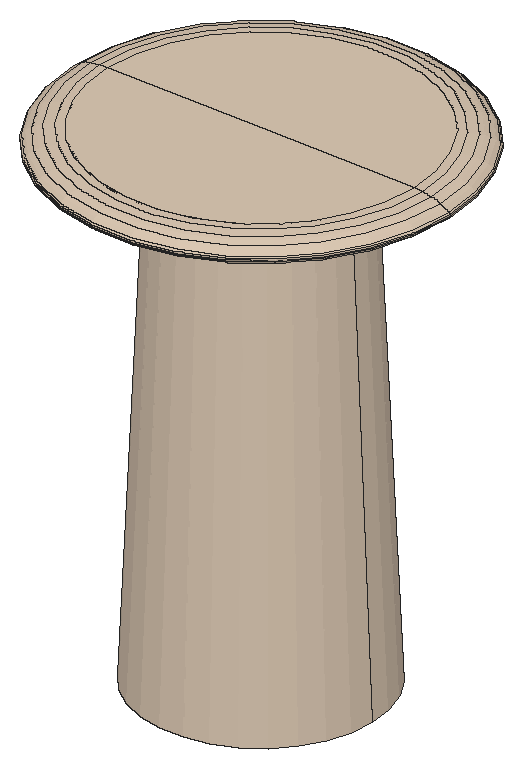
Revit family "Proto Table Dia 42 H55", category Furniture, Revit 2017
Family settings
  OmniClass Number = 23.40.20.00
  OmniClass Title = General Furniture and Specialties
  Work Plane-Based = No
  Always vertical = Yes
  Cut with Voids When Loaded = No
  Shared = No
  Room Calculation Point = No
Parameters
  Weight (lbs) = "16,5"  # constant formula
  Weight (kg) = "7,5"  # constant formula
  Warranty period = "2 years standard warranty"  # constant formula
  Variations = "Soap treated / Lacquered"  # constant formula
  URL = "https://www.plushalle.com/"
  Table top = +Halle Oak Solid Horizontal
  Table base = +Halle Oak Veneer Vertical
  Product family = "Proto"  # constant formula
  Price = "Contact info@plushalle.com"  # constant formula
  Packaging Dimensions (in) = "17,2 / 17,2 / 18,4"  # constant formula
  Packaging Dimensions (cm) = "43,5 / 43,5 / 46,5"  # constant formula
  Height (in) = "21,7"  # constant formula
  Height (cm) = "55"  # constant formula
  Gliders = +Halle Felt
  Environment = "FSC"  # constant formula
  Designer = "Nick Ross"  # constant formula
  Design Year = "2020"  # constant formula
  Depth (in) = "16,5"  # constant formula
  Depth (cm) = "42"  # constant formula
  Copyright = "+Halle"  # constant formula
Reference planes
  plane 1 "Center (Front/Back)": y = 0
  plane 2: z = 0
  plane 3 "Center (Left/Right)": x = 0
  plane 4 "Back": y = 210
  plane 5 "Front": y = -210
  plane 6 "Left": x = -210
  plane 7 "Right": x = 210
  plane 8 "Top": z = 550
  plane 9: z = 522
Forms (mm)
  Revolve 1, solid, material "+Halle Oak Solid Horizontal" <- "Table top"
    sketch origin (0, 0, 0) x (1, 0, 0) y (0, 0, 1)
      loop
        line (0.467, 550) -> (-170.442, 550)
        arc (-170.442, 550) -> (-174.984, 549.934) -> (-179.519, 549.665) r 101.849
        arc (-179.519, 549.665) -> (-184.716, 549.099) -> (-189.876, 548.257) r 97.601
        arc (-189.876, 548.257) -> (-195.027, 546.915) -> (-199.956, 544.905) r 40.25
        arc (-199.956, 544.905) -> (-204.526, 542.156) -> (-208.542, 538.648) r 30.274
        arc (-208.542, 538.648) -> (-209.243, 537.81) -> (-209.822, 536.884) r 7.987
        arc (-209.822, 536.884) -> (-209.991, 536) -> (-209.822, 535.116) r 2.406
        arc (-209.822, 535.116) -> (-209.243, 534.19) -> (-208.542, 533.352) r 7.987
        arc (-208.542, 533.352) -> (-204.526, 529.844) -> (-199.956, 527.095) r 30.274
        arc (-199.956, 527.095) -> (-195.027, 525.085) -> (-189.876, 523.743) r 40.25
        arc (-189.876, 523.743) -> (-184.716, 522.901) -> (-179.519, 522.335) r 97.601
        arc (-179.519, 522.335) -> (-174.984, 522.066) -> (-170.442, 522) r 101.849
        line (-170.442, 522) -> (0.467, 522) -> (0.467, 550)
      axis (0.467, 522) -> (0.467, 550)
    angle from 0 to 360
  Blend 2, solid, material "+Halle Oak Veneer Vertical" <- "Table base"
    base sketch origin (0, 0, 0) x (1, 0, 0) y (0, 1, 0)
      loop
        circle (0, 0) r 125
    top sketch origin (0, 0, 0) x (1, 0, 0) y (0, 1, 0)
      loop
        circle (0, 0) r 101.478
    from 0 to 522
  Blend 3, void
    base sketch origin (0, 0, 0) x (1, 0, 0) y (0, 1, 0)
      loop
        circle (0, 0) r 118.993
    top sketch origin (0, 0, 0) x (1, 0, 0) y (0, 1, 0)
      loop
        circle (0, 0) r 95.472
    from 0 to 522
Cuts and joins
  Blend 3 cuts Blend 2
Lines and regions (mm)
  symbolic lines
    curve 1: arc (210.756, 0, 0) -> (0.467, 210.289, 0) -> (-209.822, 0, 0) r 210.289
    curve 2: arc (-209.822, 0, 0) -> (0.467, -210.289, 0) -> (210.756, 0, 0) r 210.289
    curve 5: line (-125, 0, 0) -> (125, 0, 0)
    curve 6: line (-125, 0, 0) -> (-101.478, 0, 522)
    curve 7: line (-170.442, 0, 522) -> (171.375, 0, 522)
    curve 8: line (-170.442, 0, 550) -> (171.375, 0, 550)
    curve 35: line (125, 0, 0) -> (101.478, 0, 522)
  symbolic lines, not visible
    curve 3: arc (210.756, 0, 0) -> (0.467, 210.289, 0) -> (-209.822, 0, 0) r 210.289
    curve 4: arc (-209.822, 0, 0) -> (0.467, -210.289, 0) -> (210.756, 0, 0) r 210.289
    curve 9: line (-125, 0, 0) -> (125, 0, 0)
    curve 10: line (-125, 0, 0) -> (-101.478, 0, 522)
    curve 11: line (-170.442, 0, 522) -> (171.375, 0, 522)
    curve 12: line (-170.442, 0, 550) -> (171.375, 0, 550)
    curve 58: line (125, 0, 0) -> (101.478, 0, 522)
  model lines
    curve 13: arc (-189.876, 0, 548.257) -> (-195.027, 0, 546.915) -> (-199.956, 0, 544.905) r 40.25
    curve 14: arc (-199.956, 0, 544.905) -> (-204.526, 0, 542.156) -> (-208.542, 0, 538.648) r 30.274
    curve 15: arc (-208.542, 0, 538.648) -> (-209.243, 0, 537.81) -> (-209.822, 0, 536.884) r 7.987
    curve 16: arc (-209.822, 0, 536.884) -> (-209.991, 0, 536) -> (-209.822, 0, 535.116) r 2.406
    curve 17: arc (-199.956, 0, 527.095) -> (-204.526, 0, 529.844) -> (-208.542, 0, 533.352) r 30.274
    curve 18: arc (-208.542, 0, 533.352) -> (-209.243, 0, 534.19) -> (-209.822, 0, 535.116) r 7.987
    curve 19: arc (-189.876, 0, 548.257) -> (-184.716, 0, 549.099) -> (-179.519, 0, 549.665) r 97.601
    curve 20: arc (-179.519, 0, 549.665) -> (-174.984, 0, 549.934) -> (-170.442, 0, 550) r 101.849
    curve 21: arc (-189.876, 0, 523.743) -> (-184.716, 0, 522.901) -> (-179.519, 0, 522.335) r 97.601
    curve 22: arc (-179.519, 0, 522.335) -> (-174.984, 0, 522.066) -> (-170.442, 0, 522) r 101.849
    curve 23: arc (-189.876, 0, 523.743) -> (-195.027, 0, 525.085) -> (-199.956, 0, 527.095) r 40.25
    curve 24: arc (189.876, 0, 548.257) -> (195.027, 0, 546.915) -> (199.956, 0, 544.905) r 40.25
    curve 25: arc (199.956, 0, 544.905) -> (204.526, 0, 542.156) -> (208.542, 0, 538.648) r 30.274
    curve 26: arc (208.542, 0, 538.648) -> (209.243, 0, 537.81) -> (209.822, 0, 536.884) r 7.987
    curve 27: arc (209.822, 0, 536.884) -> (209.991, 0, 536) -> (209.822, 0, 535.116) r 2.406
    curve 28: arc (199.956, 0, 527.095) -> (204.526, 0, 529.844) -> (208.542, 0, 533.352) r 30.274
    curve 29: arc (208.542, 0, 533.352) -> (209.243, 0, 534.19) -> (209.822, 0, 535.116) r 7.987
    curve 30: arc (189.876, 0, 548.257) -> (184.716, 0, 549.099) -> (179.519, 0, 549.665) r 97.601
    curve 31: arc (179.519, 0, 549.665) -> (174.984, 0, 549.934) -> (170.442, 0, 550) r 101.849
    curve 32: arc (189.876, 0, 523.743) -> (184.716, 0, 522.901) -> (179.519, 0, 522.335) r 97.601
    curve 33: arc (179.519, 0, 522.335) -> (174.984, 0, 522.066) -> (170.442, 0, 522) r 101.849
    curve 34: arc (189.876, 0, 523.743) -> (195.027, 0, 525.085) -> (199.956, 0, 527.095) r 40.25
  model lines, not visible
    curve 36: arc (-189.876, 0, 548.257) -> (-195.027, 0, 546.915) -> (-199.956, 0, 544.905) r 40.25
    curve 37: arc (-199.956, 0, 544.905) -> (-204.526, 0, 542.156) -> (-208.542, 0, 538.648) r 30.274
    curve 38: arc (-208.542, 0, 538.648) -> (-209.243, 0, 537.81) -> (-209.822, 0, 536.884) r 7.987
    curve 39: arc (-209.822, 0, 536.884) -> (-209.991, 0, 536) -> (-209.822, 0, 535.116) r 2.406
    curve 40: arc (-199.956, 0, 527.095) -> (-204.526, 0, 529.844) -> (-208.542, 0, 533.352) r 30.274
    curve 41: arc (-208.542, 0, 533.352) -> (-209.243, 0, 534.19) -> (-209.822, 0, 535.116) r 7.987
    curve 42: arc (-189.876, 0, 548.257) -> (-184.716, 0, 549.099) -> (-179.519, 0, 549.665) r 97.601
    curve 43: arc (-179.519, 0, 549.665) -> (-174.984, 0, 549.934) -> (-170.442, 0, 550) r 101.849
    curve 44: arc (-189.876, 0, 523.743) -> (-184.716, 0, 522.901) -> (-179.519, 0, 522.335) r 97.601
    curve 45: arc (-179.519, 0, 522.335) -> (-174.984, 0, 522.066) -> (-170.442, 0, 522) r 101.849
    curve 46: arc (-189.876, 0, 523.743) -> (-195.027, 0, 525.085) -> (-199.956, 0, 527.095) r 40.25
    curve 47: arc (189.876, 0, 548.257) -> (195.027, 0, 546.915) -> (199.956, 0, 544.905) r 40.25
    curve 48: arc (199.956, 0, 544.905) -> (204.526, 0, 542.156) -> (208.542, 0, 538.648) r 30.274
    curve 49: arc (208.542, 0, 538.648) -> (209.243, 0, 537.81) -> (209.822, 0, 536.884) r 7.987
    curve 50: arc (209.822, 0, 536.884) -> (209.991, 0, 536) -> (209.822, 0, 535.116) r 2.406
    curve 51: arc (199.956, 0, 527.095) -> (204.526, 0, 529.844) -> (208.542, 0, 533.352) r 30.274
    curve 52: arc (208.542, 0, 533.352) -> (209.243, 0, 534.19) -> (209.822, 0, 535.116) r 7.987
    curve 53: arc (189.876, 0, 548.257) -> (184.716, 0, 549.099) -> (179.519, 0, 549.665) r 97.601
    curve 54: arc (179.519, 0, 549.665) -> (174.984, 0, 549.934) -> (170.442, 0, 550) r 101.849
    curve 55: arc (189.876, 0, 523.743) -> (184.716, 0, 522.901) -> (179.519, 0, 522.335) r 97.601
    curve 56: arc (179.519, 0, 522.335) -> (174.984, 0, 522.066) -> (170.442, 0, 522) r 101.849
    curve 57: arc (189.876, 0, 523.743) -> (195.027, 0, 525.085) -> (199.956, 0, 527.095) r 40.25
  symbolic lines, style "Furniture"
    curve 59: arc (0, 189.876, 548.257) -> (0, 195.027, 546.915) -> (0, 199.956, 544.905) r 40.25
    curve 60: arc (0, 199.956, 544.905) -> (0, 204.526, 542.156) -> (0, 208.542, 538.648) r 30.274
    curve 61: arc (0, 208.542, 538.648) -> (0, 209.243, 537.81) -> (0, 209.822, 536.884) r 7.987
    curve 62: arc (0, 209.822, 536.884) -> (0, 209.991, 536) -> (0, 209.822, 535.116) r 2.406
    curve 63: arc (0, 208.542, 533.352) -> (0, 204.526, 529.844) -> (0, 199.956, 527.095) r 30.274
    curve 64: arc (0, 209.822, 535.116) -> (0, 209.243, 534.19) -> (0, 208.542, 533.352) r 7.987
    curve 65: arc (0, 179.519, 549.665) -> (0, 184.716, 549.099) -> (0, 189.876, 548.257) r 97.601
    curve 66: arc (0, 170.442, 550) -> (0, 174.984, 549.934) -> (0, 179.519, 549.665) r 101.849
    curve 67: arc (0, 189.876, 523.743) -> (0, 184.716, 522.901) -> (0, 179.519, 522.335) r 97.601
    curve 68: arc (0, 179.519, 522.335) -> (0, 174.984, 522.066) -> (0, 170.442, 522) r 101.849
    curve 69: arc (0, 199.956, 527.095) -> (0, 195.027, 525.085) -> (0, 189.876, 523.743) r 40.25
    curve 70: arc (0, -199.956, 544.905) -> (0, -195.027, 546.915) -> (0, -189.876, 548.257) r 40.25
    curve 71: arc (0, -208.542, 538.648) -> (0, -204.526, 542.156) -> (0, -199.956, 544.905) r 30.274
    curve 72: arc (0, -209.822, 536.884) -> (0, -209.243, 537.81) -> (0, -208.542, 538.648) r 7.987
    curve 73: arc (0, -209.822, 535.116) -> (0, -209.991, 536) -> (0, -209.822, 536.884) r 2.406
    curve 74: arc (0, -199.956, 527.095) -> (0, -204.526, 529.844) -> (0, -208.542, 533.352) r 30.274
    curve 75: arc (0, -208.542, 533.352) -> (0, -209.243, 534.19) -> (0, -209.822, 535.116) r 7.987
    curve 76: arc (0, -189.876, 548.257) -> (0, -184.716, 549.099) -> (0, -179.519, 549.665) r 97.601
    curve 77: arc (0, -179.519, 549.665) -> (0, -174.984, 549.934) -> (0, -170.442, 550) r 101.849
    curve 78: arc (0, -179.519, 522.335) -> (0, -184.716, 522.901) -> (0, -189.876, 523.743) r 97.601
    curve 79: arc (0, -170.442, 522) -> (0, -174.984, 522.066) -> (0, -179.519, 522.335) r 101.849
    curve 80: arc (0, -189.876, 523.743) -> (0, -195.027, 525.085) -> (0, -199.956, 527.095) r 40.25
    curve 81: line (0, 101.478, 522) -> (0, 125, 0)
    curve 82: line (0, 125, 0) -> (0, -125, 0)
    curve 83: line (0, -125, 0) -> (0, -101.478, 522)
    curve 84: line (0, 170.442, 522) -> (0, -171.375, 522)
    curve 85: line (0, 170.442, 550) -> (0, -171.375, 550)
  symbolic lines, style "Furniture", not visible
    curve 86: arc (0, 189.876, 548.257) -> (0, 195.027, 546.915) -> (0, 199.956, 544.905) r 40.25
    curve 87: arc (0, 199.956, 544.905) -> (0, 204.526, 542.156) -> (0, 208.542, 538.648) r 30.274
    curve 88: arc (0, 208.542, 538.648) -> (0, 209.243, 537.81) -> (0, 209.822, 536.884) r 7.987
    curve 89: arc (0, 209.822, 536.884) -> (0, 209.991, 536) -> (0, 209.822, 535.116) r 2.406
    curve 90: arc (0, 208.542, 533.352) -> (0, 204.526, 529.844) -> (0, 199.956, 527.095) r 30.274
    curve 91: arc (0, 209.822, 535.116) -> (0, 209.243, 534.19) -> (0, 208.542, 533.352) r 7.987
    curve 92: arc (0, 179.519, 549.665) -> (0, 184.716, 549.099) -> (0, 189.876, 548.257) r 97.601
    curve 93: arc (0, 170.442, 550) -> (0, 174.984, 549.934) -> (0, 179.519, 549.665) r 101.849
    curve 94: arc (0, 189.876, 523.743) -> (0, 184.716, 522.901) -> (0, 179.519, 522.335) r 97.601
    curve 95: arc (0, 179.519, 522.335) -> (0, 174.984, 522.066) -> (0, 170.442, 522) r 101.849
    curve 96: arc (0, 199.956, 527.095) -> (0, 195.027, 525.085) -> (0, 189.876, 523.743) r 40.25
    curve 97: arc (0, -199.956, 544.905) -> (0, -195.027, 546.915) -> (0, -189.876, 548.257) r 40.25
    curve 98: arc (0, -208.542, 538.648) -> (0, -204.526, 542.156) -> (0, -199.956, 544.905) r 30.274
    curve 99: arc (0, -209.822, 536.884) -> (0, -209.243, 537.81) -> (0, -208.542, 538.648) r 7.987
    curve 100: arc (0, -209.822, 535.116) -> (0, -209.991, 536) -> (0, -209.822, 536.884) r 2.406
    curve 101: arc (0, -199.956, 527.095) -> (0, -204.526, 529.844) -> (0, -208.542, 533.352) r 30.274
    curve 102: arc (0, -208.542, 533.352) -> (0, -209.243, 534.19) -> (0, -209.822, 535.116) r 7.987
    curve 103: arc (0, -189.876, 548.257) -> (0, -184.716, 549.099) -> (0, -179.519, 549.665) r 97.601
    curve 104: arc (0, -179.519, 549.665) -> (0, -174.984, 549.934) -> (0, -170.442, 550) r 101.849
    curve 105: arc (0, -179.519, 522.335) -> (0, -184.716, 522.901) -> (0, -189.876, 523.743) r 97.601
    curve 106: arc (0, -170.442, 522) -> (0, -174.984, 522.066) -> (0, -179.519, 522.335) r 101.849
    curve 107: arc (0, -189.876, 523.743) -> (0, -195.027, 525.085) -> (0, -199.956, 527.095) r 40.25
    curve 108: line (0, 101.478, 522) -> (0, 125, 0)
    curve 109: line (0, 125, 0) -> (0, -125, 0)
    curve 110: line (0, -125, 0) -> (0, -101.478, 522)
    curve 111: line (0, 170.442, 522) -> (0, -171.375, 522)
    curve 112: line (0, 170.442, 550) -> (0, -171.375, 550)
Dimensions and locks
  equal spacing: plane 6 "Left", plane 3 "Center (Left/Right)", plane 7 "Right"
  plane 6 "Left" to plane 7 "Right" = 420 mm
  equal spacing: plane 4 "Back", plane 1 "Center (Front/Back)", plane 5 "Front"
  plane 4 "Back" to plane 5 "Front" = 420 mm
  plane 8 "Top" to plane 2 = 550 mm
  aligned and locked: level to plane 2
Automatic sketch dimensions
  Revolve 1 sketch curve to plane 3 "Center (Left/Right)" = 207.585 mm
  Revolve 1 sketch curve to Revolve 1 sketch curve = 4.807 mm  (x2)
  Revolve 1 sketch curve to Revolve 1 sketch curve = 16.082 mm  (x2)
  Revolve 1 sketch curve to Revolve 1 sketch curve = 4.37 mm  (x2)
  Revolve 1 sketch curve to Revolve 1 sketch curve = 10.756 mm  (x2)
  Revolve 1 sketch curve to Revolve 1 sketch curve = 0.346 mm  (x2)
  Revolve 1 sketch curve to Revolve 1 sketch curve = 16.254 mm  (x2)
  plane 3 "Center (Left/Right)" to Revolve 1 sketch curve = 0.467 mm
  Revolve 1 sketch curve to Revolve 1 sketch curve = 4.233 mm  (x2)
  Revolve 1 sketch curve to Revolve 1 sketch curve = 56.333 mm  (x2)
  Revolve 1 sketch curve to Revolve 1 sketch curve = 8.968 mm  (x2)
  Revolve 1 sketch curve to Revolve 1 sketch curve = 15.429 mm
  Revolve 1 sketch curve to Revolve 1 sketch curve = 2.882 mm  (x2)
  Revolve 1 sketch curve to Revolve 1 sketch curve = 28 mm
  Revolve 1 sketch curve to Revolve 1 sketch curve = 4.646 mm
  Revolve 1 sketch curve to Revolve 1 sketch curve = 0.957 mm  (x2)
  Revolve 1 sketch curve to Revolve 1 sketch curve = 0 mm  (x8)
  Revolve 1 sketch curve to Revolve 1 sketch curve = 1.28 mm
  Revolve 1 sketch curve to Revolve 1 sketch curve = 2 mm
  plane 1 "Center (Front/Back)" to Blend 2 sketch curve = 0 mm  (x2)
  Blend 2 sketch curve to plane 3 "Center (Left/Right)" = 0 mm  (x2)
  Blend 2 sketch curve to plane 3 "Center (Left/Right)" = 125 mm
  Blend 2 sketch curve to Blend 2 sketch curve = 0 mm  (x2)
  Blend 2 sketch curve to plane 3 "Center (Left/Right)" = 101.478 mm
  Blend 3 sketch curve to Blend 3 sketch curve = 0 mm  (x4)
  plane 1 "Center (Front/Back)" to Blend 3 sketch curve = 0 mm  (x2)
  Blend 3 sketch curve to plane 3 "Center (Left/Right)" = 0 mm  (x2)
  Blend 3 sketch curve to plane 3 "Center (Left/Right)" = 118.993 mm
  Blend 3 sketch curve to plane 3 "Center (Left/Right)" = 95.472 mm
  curve 1 to curve 1 = 210.289 mm
  curve 1 to curve 2 = 0 mm  (x2)
  curve 3 to curve 3 = 210.289 mm
  curve 3 to curve 4 = 0 mm  (x2)
  curve 16 to curve 18 = 4.807 mm
  curve 16 to curve 15 = 4.807 mm
  curve 15 to curve 14 = 16.082 mm
  curve 18 to curve 17 = 16.082 mm
  curve 14 to curve 13 = 4.37 mm
  curve 17 to curve 23 = 4.37 mm
  curve 13 to curve 19 = 10.756 mm
  curve 23 to curve 21 = 10.756 mm
  curve 21 to curve 22 = 0.346 mm
  curve 19 to curve 20 = 0.346 mm
  curve 14 to curve 7 = 16.254 mm
  curve 17 to curve 8 = 16.254 mm
  curve 20 to curve 5 = 46.225 mm
  curve 5 to curve 35 = 249.999 mm
  curve 22 to curve 33 = 342.448 mm
  curve 33 to curve 31 = 0 mm
  curve 31 to curve 30 = 0.346 mm
  curve 33 to curve 32 = 0.346 mm
  curve 32 to curve 34 = 10.756 mm
  curve 34 to curve 24 = 0 mm
  curve 34 to curve 28 = 4.37 mm
  curve 24 to curve 25 = 4.37 mm
  curve 25 to curve 26 = 16.082 mm
  curve 29 to curve 26 = 0 mm
  curve 26 to curve 27 = 4.807 mm
  curve 5 to curve 31 = 448.154 mm
  curve 20 to curve 31 = 0 mm
  curve 31 to curve 30 = 4.233 mm
  curve 20 to curve 19 = 4.233 mm
  curve 19 to curve 13 = 56.333 mm
  curve 30 to curve 24 = 56.333 mm
  curve 24 to curve 25 = 8.968 mm
  curve 13 to curve 14 = 8.968 mm
  curve 14 to curve 7 = 4.311 mm
  curve 14 to curve 15 = 15.429 mm
  curve 25 to curve 26 = 15.429 mm
  curve 15 to curve 16 = 2.882 mm
  curve 26 to curve 27 = 2.882 mm
  curve 16 to curve 18 = 2.882 mm
  curve 27 to curve 29 = 2.882 mm
  curve 22 to curve 8 = 28 mm
  curve 20 to curve 17 = 4.646 mm
  curve 8 to curve 28 = 4.311 mm
  curve 28 to curve 34 = 8.968 mm
  curve 17 to curve 23 = 8.968 mm
  curve 23 to curve 21 = 56.333 mm
  curve 34 to curve 32 = 56.333 mm
  curve 21 to curve 22 = 4.233 mm
  curve 32 to curve 33 = 4.233 mm
  curve 17 to curve 16 = 0.957 mm
  curve 18 to curve 17 = 0 mm
  curve 15 to curve 16 = 0.957 mm
  curve 14 to curve 15 = 0 mm
  curve 16 to curve 14 = 1.28 mm
  curve 13 to curve 14 = 0 mm
  curve 23 to curve 17 = 0 mm
  curve 21 to curve 23 = 0 mm
  curve 19 to curve 13 = 0 mm
  curve 7 to curve 6 = 68.964 mm
  curve 35 to curve 24 = 80.848 mm
  curve 33 to curve 25 = 16.254 mm
  curve 31 to curve 28 = 16.254 mm
  curve 33 to curve 7 = 0.934 mm
  curve 31 to curve 8 = 0.934 mm
  curve 32 to curve 33 = 0 mm
  curve 30 to curve 31 = 0 mm
  curve 24 to curve 30 = 0 mm
  curve 34 to curve 32 = 0 mm
  curve 25 to curve 24 = 0 mm
  curve 28 to curve 34 = 0 mm
  curve 26 to curve 25 = 0 mm
  curve 29 to curve 28 = 0 mm
  curve 26 to curve 26 = 1.28 mm
  curve 39 to curve 41 = 4.807 mm
  curve 39 to curve 38 = 4.807 mm
  curve 38 to curve 37 = 16.082 mm
  curve 41 to curve 40 = 16.082 mm
  curve 37 to curve 36 = 4.37 mm
  curve 40 to curve 46 = 4.37 mm
  curve 36 to curve 42 = 10.756 mm
  curve 46 to curve 44 = 10.756 mm
  curve 44 to curve 45 = 0.346 mm
  curve 42 to curve 43 = 0.346 mm
  curve 37 to curve 11 = 16.254 mm
  curve 40 to curve 12 = 16.254 mm
  curve 43 to curve 9 = 46.225 mm
  curve 9 to curve 58 = 249.999 mm
  curve 45 to curve 56 = 342.448 mm
  curve 56 to curve 54 = 0 mm
  curve 54 to curve 53 = 0.346 mm
  curve 56 to curve 55 = 0.346 mm
  curve 55 to curve 57 = 10.756 mm
  curve 57 to curve 47 = 0 mm
  curve 57 to curve 51 = 4.37 mm
  curve 47 to curve 48 = 4.37 mm
  curve 48 to curve 49 = 16.082 mm
  curve 52 to curve 49 = 0 mm
  curve 49 to curve 50 = 4.807 mm
  curve 9 to curve 54 = 448.154 mm
  curve 43 to curve 54 = 0 mm
  curve 54 to curve 53 = 4.233 mm
  curve 43 to curve 42 = 4.233 mm
  curve 42 to curve 36 = 56.333 mm
  curve 53 to curve 47 = 56.333 mm
  curve 47 to curve 48 = 8.968 mm
  curve 36 to curve 37 = 8.968 mm
  curve 37 to curve 11 = 4.311 mm
  curve 37 to curve 38 = 15.429 mm
  curve 48 to curve 49 = 15.429 mm
  curve 38 to curve 39 = 2.882 mm
  curve 49 to curve 50 = 2.882 mm
  curve 39 to curve 41 = 2.882 mm
  curve 50 to curve 52 = 2.882 mm
  curve 45 to curve 12 = 28 mm
  curve 43 to curve 40 = 4.646 mm
  curve 12 to curve 51 = 4.311 mm
  curve 51 to curve 57 = 8.968 mm
  curve 40 to curve 46 = 8.968 mm
  curve 46 to curve 44 = 56.333 mm
  curve 57 to curve 55 = 56.333 mm
  curve 44 to curve 45 = 4.233 mm
  curve 55 to curve 56 = 4.233 mm
  curve 40 to curve 39 = 0.957 mm
  curve 41 to curve 40 = 0 mm
  curve 38 to curve 39 = 0.957 mm
  curve 37 to curve 38 = 0 mm
  curve 39 to curve 37 = 1.28 mm
  curve 36 to curve 37 = 0 mm
  curve 46 to curve 40 = 0 mm
  curve 44 to curve 46 = 0 mm
  curve 42 to curve 36 = 0 mm
  curve 11 to curve 10 = 68.964 mm
  curve 58 to curve 47 = 80.848 mm
  curve 56 to curve 48 = 16.254 mm
  curve 54 to curve 51 = 16.254 mm
  curve 56 to curve 11 = 0.934 mm
  curve 54 to curve 12 = 0.934 mm
  curve 55 to curve 56 = 0 mm
  curve 53 to curve 54 = 0 mm
  curve 47 to curve 53 = 0 mm
  curve 57 to curve 55 = 0 mm
  curve 48 to curve 47 = 0 mm
  curve 51 to curve 57 = 0 mm
  curve 49 to curve 48 = 0 mm
  curve 52 to curve 51 = 0 mm
  curve 49 to curve 49 = 1.28 mm
  level to Revolve 1 sketch curve = 448.154 mm
  Revolve 1 sketch curve to Revolve 1 sketch curve = 27.665 mm
  curve 73 to curve 75 = 4.807 mm
  curve 73 to curve 72 = 4.807 mm
  curve 71 to curve 70 = 4.37 mm
  curve 74 to curve 80 = 4.37 mm
  curve 78 to curve 79 = 0.346 mm
  curve 76 to curve 77 = 0.346 mm
  curve 77 to curve 66 = 342.448 mm
  curve 68 to curve 66 = 0 mm
  curve 66 to curve 65 = 0.346 mm
  curve 68 to curve 67 = 0.346 mm
  curve 67 to curve 69 = 10.756 mm
  curve 59 to curve 69 = 0 mm
  curve 69 to curve 63 = 4.37 mm
  curve 59 to curve 60 = 4.37 mm
  curve 64 to curve 61 = 0 mm
  curve 61 to curve 62 = 4.807 mm
  curve 77 to curve 66 = 0 mm
  curve 77 to curve 76 = 4.233 mm
  curve 66 to curve 65 = 4.233 mm
  curve 70 to curve 71 = 8.968 mm
  curve 72 to curve 73 = 2.882 mm
  curve 61 to curve 62 = 2.882 mm
  curve 73 to curve 75 = 2.882 mm
  curve 62 to curve 64 = 2.882 mm
  curve 74 to curve 80 = 8.968 mm
  curve 63 to curve 69 = 8.968 mm
  curve 67 to curve 68 = 4.233 mm
  curve 78 to curve 79 = 4.233 mm
  curve 71 to curve 73 = 0.957 mm
  curve 75 to curve 73 = 0.957 mm
  curve 72 to curve 71 = 0 mm
  curve 74 to curve 75 = 0 mm
  curve 73 to curve 75 = 1.28 mm
  curve 72 to curve 73 = 0 mm
  curve 75 to curve 71 = 2.822 mm
  curve 72 to curve 80 = 2.822 mm
  curve 74 to curve 80 = 0 mm
  curve 76 to curve 74 = 3.179 mm
  curve 70 to curve 76 = 0 mm
  curve 78 to curve 71 = 3.179 mm
  curve 80 to curve 78 = 0 mm
  curve 74 to curve 77 = 7.177 mm
  curve 71 to curve 78 = 7.177 mm
  curve 79 to curve 78 = 0 mm
  curve 79 to curve 84 = 8.143 mm
  curve 76 to curve 85 = 8.143 mm
  curve 85 to curve 77 = 0.934 mm
  curve 84 to curve 79 = 0.934 mm
  curve 77 to curve 83 = 46.225 mm
  curve 79 to curve 83 = 68.964 mm
  curve 81 to curve 59 = 80.848 mm
  curve 82 to curve 82 = 249.999 mm
  curve 68 to curve 60 = 7.177 mm
  curve 66 to curve 65 = 0 mm
  curve 67 to curve 68 = 0 mm
  curve 60 to curve 69 = 3.179 mm
  curve 63 to curve 59 = 3.179 mm
  curve 65 to curve 59 = 0 mm
  curve 67 to curve 69 = 0 mm
  curve 59 to curve 64 = 2.822 mm
  curve 69 to curve 61 = 2.822 mm
  curve 63 to curve 69 = 0 mm
  curve 62 to curve 61 = 0.957 mm
  curve 60 to curve 61 = 0 mm
  curve 62 to curve 64 = 0.957 mm
  curve 63 to curve 64 = 0 mm
  curve 64 to curve 64 = 1.28 mm
  curve 61 to curve 62 = 0 mm
  curve 83 to curve 77 = 448.154 mm
  curve 71 to curve 84 = 4.311 mm
  curve 70 to curve 71 = 0 mm
  curve 59 to curve 60 = 0 mm
  curve 77 to curve 76 = 0 mm
  curve 100 to curve 102 = 4.807 mm
  curve 100 to curve 99 = 4.807 mm
  curve 98 to curve 97 = 4.37 mm
  curve 101 to curve 107 = 4.37 mm
  curve 105 to curve 106 = 0.346 mm
  curve 103 to curve 104 = 0.346 mm
  curve 104 to curve 93 = 342.448 mm
  curve 95 to curve 93 = 0 mm
  curve 93 to curve 92 = 0.346 mm
  curve 95 to curve 94 = 0.346 mm
  curve 94 to curve 96 = 10.756 mm
  curve 86 to curve 96 = 0 mm
  curve 96 to curve 90 = 4.37 mm
  curve 86 to curve 87 = 4.37 mm
  curve 91 to curve 88 = 0 mm
  curve 88 to curve 89 = 4.807 mm
  curve 104 to curve 93 = 0 mm
  curve 104 to curve 103 = 4.233 mm
  curve 93 to curve 92 = 4.233 mm
  curve 97 to curve 98 = 8.968 mm
  curve 99 to curve 100 = 2.882 mm
  curve 88 to curve 89 = 2.882 mm
  curve 100 to curve 102 = 2.882 mm
  curve 89 to curve 91 = 2.882 mm
  curve 101 to curve 107 = 8.968 mm
  curve 90 to curve 96 = 8.968 mm
  curve 94 to curve 95 = 4.233 mm
  curve 105 to curve 106 = 4.233 mm
  curve 98 to curve 100 = 0.957 mm
  curve 102 to curve 100 = 0.957 mm
  curve 99 to curve 98 = 0 mm
  curve 101 to curve 102 = 0 mm
  curve 100 to curve 102 = 1.28 mm
  curve 99 to curve 100 = 0 mm
  curve 102 to curve 98 = 2.822 mm
  curve 99 to curve 107 = 2.822 mm
  curve 101 to curve 107 = 0 mm
  curve 103 to curve 101 = 3.179 mm
  curve 97 to curve 103 = 0 mm
  curve 105 to curve 98 = 3.179 mm
  curve 107 to curve 105 = 0 mm
  curve 101 to curve 104 = 7.177 mm
  curve 98 to curve 105 = 7.177 mm
  curve 106 to curve 105 = 0 mm
  curve 106 to curve 111 = 8.143 mm
  curve 103 to curve 112 = 8.143 mm
  curve 112 to curve 104 = 0.934 mm
  curve 111 to curve 106 = 0.934 mm
  curve 104 to curve 110 = 46.225 mm
  curve 106 to curve 110 = 68.964 mm
  curve 108 to curve 86 = 80.848 mm
  curve 109 to curve 109 = 249.999 mm
  curve 95 to curve 87 = 7.177 mm
  curve 93 to curve 92 = 0 mm
  curve 94 to curve 95 = 0 mm
  curve 87 to curve 96 = 3.179 mm
  curve 90 to curve 86 = 3.179 mm
  curve 92 to curve 86 = 0 mm
  curve 94 to curve 96 = 0 mm
  curve 86 to curve 91 = 2.822 mm
  curve 96 to curve 88 = 2.822 mm
  curve 90 to curve 96 = 0 mm
  curve 89 to curve 88 = 0.957 mm
  curve 87 to curve 88 = 0 mm
  curve 89 to curve 91 = 0.957 mm
  curve 90 to curve 91 = 0 mm
  curve 91 to curve 91 = 1.28 mm
  curve 88 to curve 89 = 0 mm
  curve 110 to curve 104 = 448.154 mm
  curve 98 to curve 111 = 4.311 mm
  curve 97 to curve 98 = 0 mm
  curve 86 to curve 87 = 0 mm
  curve 104 to curve 103 = 0 mm
